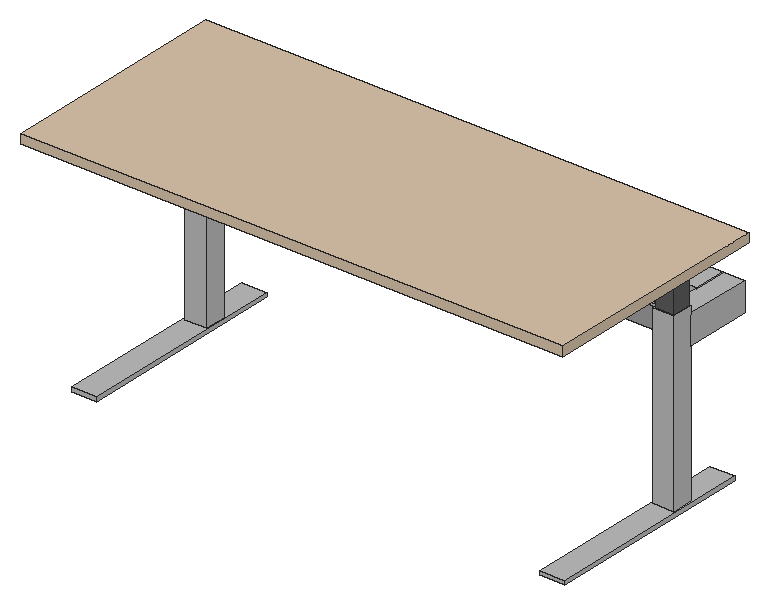
Revit family "Haworth_Planes_HeightAdjustBench_SingleSided", category Furniture Systems, Revit 2018
Family settings
  Round Connector Dimension = Use Diameter
  Part Type = Normal
  OmniClass Number = 23.40.70.14.64.21
  OmniClass Title = Systems Furniture
  Work Plane-Based = No
  Always vertical = Yes
  Cut with Voids When Loaded = No
  Shared = No
  Room Calculation Point = No
Parameters (values of type "70w 30d - Electric Adjustment")
  Gap Depth = 3 11/16"  # constant formula
  Warranty = "https://www.haworth.com/resources/product-info/warranties"
  URL - Product = "https://www.haworth.com/products/tables/height-adjustable/planes"
  Trim Finish = Haworth _ Paint _ Metallic Champagne
  Table Finish [instance] = Haworth _ Laminate _ Maple H-AE
  Table Edge Finish [instance] = Haworth _ Laminate _ Maple H-AE
  Actual Overall Depth = Actual Depth + Gap Depth  # 33 11/16"
  Standard Worksurface Depth = "23, 24, 29, 30 in."  # constant formula
  Model = "TARA"  # constant formula
  Min. Overall Depth = 30 7/16"  # constant formula
  Min. Height = 27"  # constant formula
  Max. Overall Depth = 33 3/8"  # constant formula
  Max. Height = 46"  # constant formula
  Lever Depth = 12"  # constant formula
  Leg Side Offset = if(Actual Width < 47", 16 13/16", if(Actual Width < 53", 19 13/16", if(Actual Width < 59", 22 13/16", if(Actual Width < 65", 25 13/16", 28 13/16"))))  # 28 13/16"
  Leg Offset = if(Actual Depth < 35", 10", 16")  # 10"
  Leg Finish [instance] = Haworth _ Paint _ Metallic Champagne
  Knife Edge = not(Edgeband)  # no
  J-Rail Width = Leg Side Offset * 2  # 57 5/8"
  J-Rail Height = 22 5/8"  # constant formula
  Height = 31"
  Hand Crank = no
  Electric Adjustment = yes
  Edgeband = yes
  Description = "Haworth - Planes HAT Bench - Single-Sided - 70w 30d - Electric Adjustment"
  Width = 70"
  URL = "www.haworth.com"
  Table Thickness = 1 3/16"  # constant formula
  Size = "Verify Final Dim. w/ Haworth"  # constant formula
  Revision Number = "2"  # constant formula
  Min/Max Width = "46-70 in. @ 6 in. increment"  # constant formula
  Standard Overall Depth = "30 7/16, 33 3/8 in."  # constant formula
  Min. Width = 46"  # constant formula
  Max. Width = 70"  # constant formula
  Min. Depth = 23"  # constant formula
  Max. Depth = 30"  # constant formula
  Manufacturer = "Haworth"  # constant formula
  Leg Height = Actual Height - Table Thickness  # 29 13/16"
  Depth 29 = Depth > 27"  # yes
  Depth 23 = not(Depth 29)  # no
  Depth = 30"
  Custom Size = not(and(or(Depth = 23", Depth = 24", Depth = 29", Depth = 30"), or(Width = 46", Width = 52", Width = 58", Width = 64", Width = 70")))  # no
  Crank Offset = 14 1/8"  # constant formula
  Box Body Finish = Haworth _ Paint _ Black
  Base Tube Finish = Haworth _ Paint _ Black
  Author = "Haworth (Hampton, Alias)"  # constant formula
  Assembly Code = "E2020200"
  Actual Width = if(Width < Min. Width, Min. Width, if(Width > Max. Width, Max. Width, Width))  # 70"
  Actual Height = if(Height > Max. Height, Max. Height, if(Height < Min. Height, Min. Height, Height))  # 31"
  Actual Depth = if(Depth > Max. Depth, Max. Depth, if(Depth < Min. Depth, Min. Depth, Depth))  # 30"
Types (4): name | Actual Overall Depth | Leg Side Offset | J-Rail Width | Hand Crank | Electric Adjustment | Description | Width | Depth 29 | Depth 23 | Depth | Actual Width | Actual Depth
  70w 30d - Electric Adjustment | 33 11/16" | 28 13/16" | 57 5/8" | no | yes | "Haworth - Planes HAT Bench - Single-Sided - 70w 30d - Electric Adjustment" | 70" | yes | no | 30" | 70" | 30"
  70w 30d - Crank Adjustment | 33 11/16" | 28 13/16" | 57 5/8" | yes | no | "Haworth - Planes HAT Bench - Single-Sided - 70w 30d - Crank Adjustment" | 70" | yes | no | 30" | 70" | 30"
  46w 23d - Crank Adjustment | 26 11/16" | 16 13/16" | 33 5/8" | yes | no | "Haworth - Planes HAT Bench - Single-Sided - 46w 23d - Crank Adjustment" | 46" | no | yes | 23" | 46" | 23"
  58w 24d - Electric Adjustment | 27 11/16" | 22 13/16" | 45 5/8" | no | yes | "Haworth - Planes HAT Bench - Single-Sided - 58w 24d - Electric Adjustment" | 58" | no | yes | 24" | 58" | 24"
Reference planes (in)
  plane 1 "Bottom": z = 0
  plane 2 "Top": z = 31
  plane 3 "Top Bottom": z = 29.8125
  plane 4 "Support Top": z = 22.625
  plane 5 "Left End": x = -24.33391
  plane 6 "Right End": x = 45.66609
  plane 7 "Back End": y = 7.37456
  plane 8: y = 3.68706
  plane 9 "Electric Front": y = -24.31294
  plane 10 "Left Leg L": x = -20.89641
  plane 11 "Left Leg R": x = -18.14641
  plane 12 "Right Leg R": x = 42.22859
  plane 13 "Right Leg L": x = 39.47859
  plane 14 "Center LR": x = 10.66609
  plane 15: x = 41.91609
  plane 16: x = 39.79109
  plane 17 "Support Bottom": z = 18.875
  plane 18 "Leg Front": y = -2.62544
  plane 19 "Front Edge": y = -26.31294
  plane 20 "Support Extrusion": y = -1.25044
Forms (in)
  Extrusion 1, solid, material "Haworth _ Paint _ Black" <- "Box Body Finish", visible <- "Electric Adjustment"
    sketch origin (4.36905, -9.81294, 2) x (0, 1, 0) y (0, 0, 1)
      loop
        line (-14.5, 27.8125) -> (-15.18347, 27.12903) -> (-15.09644, 27.04201) -> (-14.79741, 27.34104) -> (-13.40608, 27.34104) -> (-13.40608, 27.8125) -> (-14.5, 27.8125)
    from 35.42204 to 37.54704
  Extrusion 2, solid, material "Haworth _ Paint _ Metallic Champagne" <- "Leg Finish"
    sketch origin (0, -16.10156, -1) x (-1, 0, 0) y (0, 0, -1)
      loop
        line (-39.47859, -19.875) -> (-42.22859, -19.875) -> (-42.22859, -23.625) -> (-39.47859, -23.625) -> (-39.47859, -19.875)
    from -23.47612 to -14.85112
  Extrusion 3, solid, material "Haworth _ Paint _ Metallic Champagne" <- "Leg Finish"
    sketch origin (0, 0, -4.6785) x (1, 0, 0) y (0, 1, 0)
      loop
        line (-20.89641, 7.37456) -> (-20.89641, -1.25044) -> (-18.14641, -1.25044) -> (-18.14641, 7.37456) -> (-20.89641, 7.37456)
    from 23.5535 to 27.3035
  Extrusion 4, solid, material "Haworth _ Paint _ Black" <- "Box Body Finish", visible <- "Electric Adjustment", not visible
    sketch origin (-4.44345, -16.98158, -0.01135) x (0, 1, 0) y (0, 0, 1)
      loop
        line (-14.5, 27.8125) -> (-15.18347, 27.12903) -> (-15.09644, 27.04201) -> (-14.79741, 27.34104) -> (-13.40608, 27.34104) -> (-13.40608, 27.8125) -> (-14.5, 27.8125)
    from 35.42204 to 37.54704
Lines and regions (in)
  symbolic lines, style "Haworth Hidden", visible <- "Electric Adjustment", detail levels medium+fine
    curve 1: line (39.79109, -23.21902, 0) -> (41.91609, -23.21902, 0)
    curve 2: line (39.79109, -24.99641, 0) -> (39.79109, -23.21902, 0)
    curve 3: line (41.91609, -24.99641, 0) -> (39.79109, -24.99641, 0)
    curve 4: line (41.91609, -23.21902, 0) -> (41.91609, -24.99641, 0)
Dimensions and locks (in)
  "Actual Height": plane 2 "Top" to level
  "Table Thickness": plane 2 "Top" to plane 3 "Top Bottom"
  "Actual Width": plane 5 "Left End" to plane 6 "Right End"
  "Gap Depth": plane 7 "Back End" to plane 8
  equal spacing: plane 5 "Left End", plane 14 "Center LR", plane 6 "Right End"
  "Leg Offset": plane 7 "Back End" to plane 18 "Leg Front"
  "Leg Side Offset": plane 11 "Left Leg R" to plane 14 "Center LR"
  "Leg Side Offset": plane 14 "Center LR" to plane 13 "Right Leg L"
  "Actual Depth": plane 19 "Front Edge" to plane 8
  locked: plane 19 "Front Edge" to plane 9 "Electric Front" at 2
  plane 13 "Right Leg L" to plane 16 to plane 15 to plane 12 "Right Leg R" = 5/16" locked, 2 1/8" locked, 5/16" locked
  locked: plane 10 "Left Leg L" to plane 11 "Left Leg R" at 2.75
  locked: plane 20 "Support Extrusion" to plane 18 "Leg Front" at 1.375
  locked: plane 4 "Support Top" to plane 17 "Support Bottom" at 3.75
  "J-Rail Height": plane 4 "Support Top" to plane 1 "Bottom"
  aligned and locked: Extrusion 1 to plane 9 "Electric Front"
  aligned and locked: plane 11 "Left Leg R" to Extrusion 3
  aligned and locked: Extrusion 3 to plane 10 "Left Leg L"
  aligned and locked: plane 13 "Right Leg L" to Extrusion 2
  aligned and locked: plane 12 "Right Leg R" to Extrusion 2
  aligned and locked: plane 16 to Extrusion 1
  aligned and locked: Extrusion 1 to plane 15
  aligned and locked: plane 15 to Extrusion 1
  aligned and locked: Extrusion 1 to plane 16
  aligned and locked: plane 4 "Support Top" to Extrusion 2
  aligned and locked: Extrusion 2 to Extrusion 3
  aligned and locked: plane 17 "Support Bottom" to Extrusion 2
  aligned and locked: plane 4 "Support Top" to Extrusion 3
  aligned and locked: plane 1 "Bottom" to nested 1
  aligned and locked: nested 1 to plane 8
  aligned and locked: plane 14 "Center LR" to nested 1
  aligned and locked: curve 1 to Extrusion 1
  aligned and locked: curve 2 to Extrusion 1
  aligned and locked: curve 3 to Extrusion 1
  aligned and locked: curve 4 to Extrusion 1
  aligned and locked: plane 3 "Top Bottom" to Extrusion 1
  aligned and locked: plane 1 "Bottom" to nested 2
  aligned and locked: nested 3 to plane 1 "Bottom"
  aligned and locked: plane 7 "Back End" to nested 4
  aligned and locked: plane 13 "Right Leg L" to nested 3
  aligned and locked: plane 11 "Left Leg R" to nested 2
  aligned and locked: plane 18 "Leg Front" to nested 2
  aligned and locked: nested 3 to plane 18 "Leg Front"
  aligned and locked: plane 7 "Back End" to Extrusion 2
  aligned and locked: plane 7 "Back End" to Extrusion 3
  aligned and locked: Extrusion 2 to plane 20 "Support Extrusion"
  aligned and locked: Extrusion 3 to plane 20 "Support Extrusion"
  aligned and locked: plane 14 "Center LR" to nested 4
Automatic sketch dimensions
  Extrusion 1 sketch curve to Extrusion 1 sketch curve = 0.29903"
  Extrusion 1 sketch curve to Extrusion 1 sketch curve = 0.08703"
  Extrusion 1 sketch curve to Extrusion 1 sketch curve = 0.47146"
  Extrusion 1 sketch curve to Extrusion 1 sketch curve = 1.09392"
  Extrusion 1 sketch curve to Extrusion 1 sketch curve = 0.29741"
  Extrusion 4 sketch curve to Extrusion 4 sketch curve = 0.29903"
  Extrusion 4 sketch curve to Extrusion 4 sketch curve = 0.08703"
  Extrusion 4 sketch curve to Extrusion 4 sketch curve = 0.47146"
  Extrusion 4 sketch curve to Extrusion 4 sketch curve = 1.09392"
  Extrusion 4 sketch curve to Extrusion 4 sketch curve = 0.29741"
  Extrusion 2 sketch curve to plane 12 "Right Leg R" = 0"
  Extrusion 2 sketch curve to plane 4 "Support Top" = 0"
  plane 13 "Right Leg L" to Extrusion 2 sketch curve = 0"
  Extrusion 3 sketch curve to plane 10 "Left Leg L" = 0"
  Extrusion 3 sketch curve to plane 11 "Left Leg R" = 0"
  plane 8 to Extrusion 3 sketch curve = 4 15/16"
  Extrusion 2 sketch curve to plane 17 "Support Bottom" = 0"
  plane 7 "Back End" to Extrusion 3 sketch curve = 0"
Nested families (in)
  nested 1: "Haworth_Planes_Worksurface_Rectangular_Part" at (10.66609, -26.31294, 0), type "Worksurface"
    with Actual Width 70", Actual Height 31"
  nested 2: "Haworth_Support_Height-Adjustable_Leg_Part" at (-19.52141, -2.62544, 0), type "Leg w/o Crank"
    with Top Support Front 14 1/8", Lever Depth 12", Leg Length Middle 9 1/8", Leg Length Front 19 5/16", Leg Length Back 8 1/8", Leg Height 29 13/16", Crank Offset 14 1/8", Crank no, Actual Depth 27 7/16", 29 Deep yes, 23 Deep no
  nested 3: "Haworth_Support_Height-Adjustable_Leg_Part" at (40.85359, -2.62544, 0) x (-1, 0, 0) z (0, 0, 1), type "Leg w/ Crank"
    with Top Support Front 14 1/8", Lever Depth 12", Leg Length Middle 9 1/8", Leg Length Front 19 5/16", Leg Length Back 8 1/8", Leg Height 29 13/16", Crank Offset 14 1/8", Crank no, Actual Depth 27 7/16", 29 Deep yes, 23 Deep no
  nested 4: "Haworth_Planes_J-Rail_Single_Part" at (0, -2.214, 0), type "J Rail"
    with Actual Width 57 5/8", Actual Height 22 5/8"
Definition of nested family "Haworth_Planes_Worksurface_Rectangular_Part"
  Parameters (values of type "Worksurface")
    Width = 0"
    Warranty = "http://www.haworth.com/resources/product-info/warranties"
    URL - Product = ""
    URL = "www.haworth.com"
    Thickness = 1 3/16"  # constant formula
    Table Finish = none
    Table Edge Finish = none
    Size = "Verify Final Dim. w/ Haworth"  # constant formula
    Revision Number = ""
    Model = "Haworth Planes"
    Manufacturer = "Haworth"  # constant formula
    Knife Edge = no
    Height = 0"
    Edgeband = yes
    Description = "Haworth Planes Worksurface - Part"
    Cutout Width = 8"
    Cutout Offset = 6 87/128"  # constant formula
    Cutout Dimension = if(Cutout, 3", 1")  # 1"
    Cutout Depth = 4"
    Cutout = no
    Author = "SHAPE Environments, LLC"  # constant formula
    Assembly Code = ""
    Actual Width = 60"
    Actual Height = 29"
    Actual Depth = 30"
  Reference planes (in)
    plane 1 "Center F/B": y = 15
    plane 2: z = 0
    plane 3 "Center L/R": x = 0
    plane 4 "Table Front": y = 30
    plane 5 "Table Right": x = 30
    plane 6 "Table Left": x = -30
    plane 7 "Table Back": y = 0
    plane 8 "Table Top": z = 29
    plane 9 "Table Bottom": z = 27.8125
    plane 10 "Cutout Top": z = 30
    plane 11 "Cutout Bottom": z = 29
    plane 12 "Knife Edge Middle": z = 28.625
    plane 13 "Cutout Back": y = 23.32031
    plane 14 "Cutout Front": y = 19.32031
    plane 15 "Cutout Middle": y = 21.32031
  Forms (in)
    Extrusion 1, solid, material <- "Table Finish", visible <- "Edgeband"
      sketch origin (0, 0, 0) x (1, 0, 0) y (0, 1, 0)
        loop
          line (-30, 30) -> (-30, 0) -> (30, 0) -> (30, 30) -> (-30, 30)
      from 27.8125 to 29
    Extrusion 2, solid, material <- "Table Finish", visible <- "Knife Edge"
      sketch origin (0, 0, 0) x (1, 0, 0) y (0, 1, 0)
        loop
          line (-30, 30) -> (-30, 0) -> (30, 0) -> (30, 30) -> (-30, 30)
      from 29 to 28.625
    Extrusion 3, void
      sketch origin (0, 0, 29) x (-1, 0, 0) y (0, -1, 0)
        loop
          line (4, -23.32031) -> (4, -19.32031) -> (-4, -19.32031) -> (-4, -23.32031) -> (4, -23.32031)
      from 0 to 1
    Blend 4, solid, material <- "Table Finish", visible <- "Knife Edge"
      base sketch origin (0, 0, 0) x (1, 0, 0) y (0, 1, 0)
        loop
          line (-30, 30) -> (-30, 2) -> (30, 2) -> (30, 30) -> (-30, 30)
      top sketch origin (0, 0, 0) x (1, 0, 0) y (0, 1, 0)
        loop
          line (-30, 30) -> (-30, 0) -> (30, 0) -> (30, 30) -> (-30, 30)
      from 27.8125 to 28.625
  Cuts and joins
    Extrusion 3 cuts Extrusion 2
    joined: Extrusion 2, Blend 4
    Extrusion 3 cuts Extrusion 1
  Lines and regions (in)
    Masking region 1
      outline origin (0, 0, 0) x (1, 0, 0) y (0, 1, 0)
        loop
          line (-30, 30) -> (-30, 0) -> (30, 0) -> (30, 30) -> (-30, 30)
    symbolic lines, visible <- "Cutout"
      curve 1: line (-4, 23.32031, 0) -> (-4, 19.32031, 0)
      curve 2: line (-4, 19.32031, 0) -> (4, 19.32031, 0)
      curve 3: line (4, 19.32031, 0) -> (4, 23.32031, 0)
      curve 4: line (4, 23.32031, 0) -> (-4, 23.32031, 0)
    symbolic lines, visible <- "Knife Edge", detail levels medium+fine
      curve 5: line (-30, 2, 0) -> (30, 2, 0)
  Dimensions and locks (in)
    "Actual Depth": plane 7 "Table Back" to plane 4 "Table Front"
    "Actual Width": plane 6 "Table Left" to plane 5 "Table Right"
    equal spacing: plane 6 "Table Left", plane 3 "Center L/R", plane 5 "Table Right"
    equal spacing: plane 4 "Table Front", plane 1 "Center F/B", plane 7 "Table Back"
    "Thickness": plane 8 "Table Top" to plane 9 "Table Bottom"
    "Actual Height": plane 8 "Table Top" to level
    equal spacing: Extrusion 3 sketch curve, plane 3 "Center L/R", Extrusion 3 sketch curve
    "Cutout Width": Extrusion 3 sketch curve to Extrusion 3 sketch curve
    locked: plane 10 "Cutout Top" to plane 8 "Table Top" at 1
    "Cutout Dimension": plane 10 "Cutout Top" to plane 11 "Cutout Bottom"
    locked: plane 8 "Table Top" to plane 12 "Knife Edge Middle" at 0.375
    locked: plane 7 "Table Back" to curve 5 at 2
    locked: Blend 4 sketch curve to plane 7 "Table Back" at 2
    "Cutout Offset": plane 13 "Cutout Back" to plane 4 "Table Front"
    "Cutout Depth": plane 14 "Cutout Front" to plane 13 "Cutout Back"
    equal spacing: plane 14 "Cutout Front", plane 15 "Cutout Middle", plane 13 "Cutout Back"
    aligned and locked: plane 6 "Table Left" to Extrusion 1 sketch curve
    aligned and locked: Extrusion 1 sketch curve to plane 4 "Table Front"
    aligned and locked: plane 7 "Table Back" to Extrusion 1 sketch curve
    aligned and locked: plane 5 "Table Right" to Extrusion 1 sketch curve
    aligned and locked: plane 8 "Table Top" to Extrusion 1
    aligned and locked: Extrusion 1 to plane 9 "Table Bottom"
    aligned and locked: plane 6 "Table Left" to Extrusion 2 sketch curve
    aligned and locked: plane 5 "Table Right" to Extrusion 2 sketch curve
    aligned and locked: Extrusion 2 sketch curve to plane 4 "Table Front"
    aligned and locked: plane 10 "Cutout Top" to Extrusion 3
    aligned and locked: Extrusion 3 to plane 11 "Cutout Bottom"
    aligned and locked: Masking region 1 sketch curve to plane 7 "Table Back"
    aligned and locked: plane 6 "Table Left" to Masking region 1 sketch curve
    aligned and locked: Masking region 1 sketch curve to plane 4 "Table Front"
    aligned and locked: plane 5 "Table Right" to Masking region 1 sketch curve
    aligned and locked: curve 1 to Extrusion 3
    aligned and locked: Extrusion 3 to curve 3
    aligned and locked: cut or joined group of Extrusion 2, Extrusion 3, Blend 4 to plane 12 "Knife Edge Middle"
    aligned and locked: plane 8 "Table Top" to cut or joined group of Extrusion 2, Extrusion 3, Blend 4
    aligned and locked: Extrusion 2 sketch curve to plane 7 "Table Back"
    aligned and locked: plane 5 "Table Right" to Blend 4 sketch curve  (x2)
    aligned and locked: Blend 4 sketch curve to plane 4 "Table Front"  (x2)
    aligned and locked: plane 6 "Table Left" to Blend 4 sketch curve  (x2)
    aligned and locked: Blend 4 sketch curve to plane 7 "Table Back"
    aligned and locked: Blend 4 to plane 12 "Knife Edge Middle"
    aligned and locked: Blend 4 to plane 9 "Table Bottom"
    aligned and locked: plane 13 "Cutout Back" to Extrusion 3 sketch curve
    aligned and locked: Extrusion 3 sketch curve to plane 14 "Cutout Front"
  Automatic sketch dimensions
    curve 5 to plane 6 "Table Left" = 0"
    curve 5 to plane 5 "Table Right" = 0"
    plane 14 "Cutout Front" to curve 2 = 0"
    plane 13 "Cutout Back" to curve 4 = 0"
Definition of nested family "Haworth_Support_Height-Adjustable_Leg_Part"
  Parameters (values of type "Leg")
    URL = "www.haworth.com"
    Trim Finish = none
    Top Support Front = if([29 Deep], 14 1/8", 8 1/8")  # 8 1/8"
    Note = "Verify Final Dim. w/ Haworth"  # constant formula
    Manufacturer = "Haworth"  # constant formula
    Lever Depth = 8"
    Leg Length Middle = if([29 Deep], 9 1/8", 7 1/8")  # 7 1/8"
    Leg Length Front = if([29 Deep], 19 5/16", 16 5/16")  # 16 5/16"
    Leg Length Back = if([29 Deep], 8 1/8", 5 1/8")  # 5 1/8"
    Leg Height = 27 13/16"
    Leg Finish = none
    Hardware Finish = none
    Glide Finish = none
    Crank Offset = 11 1/8"
    Crank = yes
    Base Tube Finish = none
    Assembly Code = ""
    Actual Depth = if([29 Deep], 27 7/16", 21 7/16")  # 21 7/16"
    29 Deep = not([23 Deep])  # no
    23 Deep = yes
  Reference planes (in)
    plane 1 "Center (Front/Back)": y = 0
    plane 2 "Bottom": z = 0
    plane 3 "Center (Left/Right)": x = 0
    plane 4 "Bottom of Top": z = 27.8125
    plane 5: z = 0.375
    plane 6 "Glide Back": y = 2.4375
    plane 7 "Glide Front": y = -12.125
    plane 8: x = 1.375
    plane 9: x = -1.375
    plane 10: x = -1.625
    plane 11: x = 1.625
    plane 12: y = 5.125
    plane 13: y = -16.3125
    plane 14 "Support Bottom": z = 25.1875
    plane 15: y = -8.125
    plane 16 "Top Base": z = 0.875
    plane 17 "Top of Leg": z = 23.5
    plane 18 "Crank Offset": y = -11.125
  Forms (in)
    Extrusion 1, solid, material <- "Leg Finish"
      sketch origin (0, 0, 0) x (0, -1, 0) y (0, 0, -1)
        loop
          line (16.3125, -0.375) -> (-5.125, -0.375) -> (-5.125, -0.875) -> (16.3125, -0.875) -> (16.3125, -0.375)
      from -1.625 to 1.625
    Extrusion 2, solid, material <- "Leg Finish"
      sketch origin (0, 0, 2.5625) x (-1, 0, 0) y (0, -1, 0)
        loop
          line (1.375, -1.375) -> (1.375, 1.375) -> (-1.375, 1.375) -> (-1.375, -1.375) -> (1.375, -1.375)
      from -1.6875 to 20.9375
    Extrusion 3, solid, material <- "Leg Finish"
      sketch origin (-1.375, -19.87459, 48) x (0, -1, 0) y (0, 0, -1)
        loop
          line (-10.24959, 20.1875) -> (-10.24959, 21.66628) -> (-16.14638, 22.8125) -> (-20.66006, 22.8125) -> (-26.24959, 20.55418) -> (-26.24959, 20.1875) -> (-10.24959, 20.1875)
      from 0 to -0.125
    Extrusion 4, solid, material <- "Base Tube Finish"
      sketch origin (0, 0, 2.5625) x (-1, 0, 0) y (0, -1, 0)
        loop
          line (1.1875, -1.1875) -> (1.1875, 1.1875) -> (-1.1875, 1.1875) -> (-1.1875, -1.1875) -> (1.1875, -1.1875)
      from 20.9375 to 25.25
    Extrusion 5, solid, material <- "Glide Finish"
      sketch origin (0, 0, 0) x (1, 0, 0) y (0, 1, 0)
        loop
          circle (0, 2.4375) r 1.12339
        loop
          circle (0, -12.125) r 1.12816
      from 0 to 0.375
  Cuts and joins
    joined: Extrusion 1, Extrusion 2
  Lines and regions (in)
    Masking region 1, detail levels medium+fine
      outline origin (0, 0, 0) x (1, 0, 0) y (0, 1, 0)
        loop
          line (-1.625, -16.3125) -> (1.625, -16.3125) -> (1.625, 5.125) -> (-1.625, 5.125) -> (-1.625, -16.3125)
    symbolic lines, detail levels medium+fine
      curve 1: line (-1.375, 1.375, 0) -> (1.375, 1.375, 0)
      curve 2: line (-1.375, -1.375, 0) -> (-1.375, 1.375, 0)
      curve 3: line (1.375, -1.375, 0) -> (-1.375, -1.375, 0)
      curve 4: line (1.375, 1.375, 0) -> (1.375, -1.375, 0)
  Dimensions and locks (in)
    "Leg Height": plane 4 "Bottom of Top" to level
    level to plane 5 = 3/8"
    locked: plane 9 to plane 8 at 2.75
    locked: plane 10 to plane 11 at 3.25
    equal spacing: plane 10, plane 3 "Center (Left/Right)", plane 11
    equal spacing: plane 9, plane 3 "Center (Left/Right)", plane 8
    locked: plane 4 "Bottom of Top" to plane 14 "Support Bottom" at 2.625
    Extrusion 2 sketch curve to plane 1 "Center (Front/Back)" to Extrusion 2 sketch curve = 1 3/8", 1 3/8"
    "Leg Length Front": plane 13 to plane 1 "Center (Front/Back)"
    "Leg Length Back": plane 1 "Center (Front/Back)" to plane 12
    "Top Support Front": plane 15 to plane 1 "Center (Front/Back)"
    plane 16 "Top Base" to plane 5 to plane 2 "Bottom" = 1/2" locked, 3/8" locked
    locked: plane 17 "Top of Leg" to plane 2 "Bottom" at 23.5
    locked: plane 7 "Glide Front" to plane 13 at 4.1875
    locked: plane 12 to plane 6 "Glide Back" at 2.6875
    "Crank Offset": plane 18 "Crank Offset" to plane 1 "Center (Front/Back)"
    angle plane 4 "Bottom of Top" to Extrusion 3 sketch curve = 22.00°
    angle Extrusion 3 sketch curve to plane 4 "Bottom of Top" = 11.00°
    aligned and locked: plane 11 to Extrusion 1
    aligned and locked: Extrusion 1 to plane 10
    aligned and locked: plane 9 to Extrusion 2 sketch curve
    aligned and locked: Extrusion 2 sketch curve to plane 8
    aligned: plane 4 "Bottom of Top" to Extrusion 2
    aligned and locked: Extrusion 3 sketch curve to plane 14 "Support Bottom"
    aligned and locked: Extrusion 3 sketch curve to plane 4 "Bottom of Top"
    aligned and locked: plane 4 "Bottom of Top" to Extrusion 4
    aligned and locked: Extrusion 2 to Extrusion 1
    aligned and locked: Masking region 1 sketch curve to plane 11
    aligned and locked: plane 10 to Masking region 1 sketch curve
    aligned and locked: plane 13 to Masking region 1 sketch curve
    aligned and locked: curve 1 to cut or joined group of Extrusion 1, Extrusion 2
    aligned and locked: curve 2 to cut or joined group of Extrusion 1, Extrusion 2
    aligned and locked: curve 3 to cut or joined group of Extrusion 1, Extrusion 2
    aligned and locked: Extrusion 5 to plane 2 "Bottom"
    aligned and locked: plane 5 to cut or joined group of Extrusion 1, Extrusion 2
    aligned and locked: Extrusion 5 to plane 5
    aligned and locked: plane 16 "Top Base" to cut or joined group of Extrusion 1, Extrusion 2
    aligned and locked: cut or joined group of Extrusion 1, Extrusion 2 to plane 16 "Top Base"
    aligned and locked: plane 17 "Top of Leg" to cut or joined group of Extrusion 1, Extrusion 2
    aligned and locked: Extrusion 4 to plane 17 "Top of Leg"
    aligned and locked: Extrusion 4 to plane 4 "Bottom of Top"
    aligned and locked: plane 18 "Crank Offset" to nested 1
    aligned and locked: plane 3 "Center (Left/Right)" to nested 1
  Automatic sketch dimensions
    plane 15 to Extrusion 3 sketch curve = 1 1/2"
    plane 1 "Center (Front/Back)" to Extrusion 3 sketch curve = 0.78546"
    Extrusion 3 sketch curve to plane 1 "Center (Front/Back)" = 3.72822"
    Extrusion 4 sketch curve to plane 8 = 3/16"
    plane 9 to Extrusion 4 sketch curve = 3/16"
    Extrusion 4 sketch curve to plane 1 "Center (Front/Back)" = 1 3/16"
    plane 1 "Center (Front/Back)" to Extrusion 4 sketch curve = 1 3/16"
    Extrusion 5 sketch curve to plane 3 "Center (Left/Right)" = 0"  (x2)
    Extrusion 5 sketch curve to plane 7 "Glide Front" = 0"
    Extrusion 5 sketch curve to plane 6 "Glide Back" = 0"
    Extrusion 1 sketch curve to plane 12 = 0"
    Extrusion 1 sketch curve to plane 13 = 0"
    Extrusion 1 sketch curve to level = 3/8"
    Extrusion 1 sketch curve to Extrusion 1 sketch curve = 1/2"
    Masking region 1 sketch curve to plane 12 = 0"
    curve 3 to plane 8 = 0"
    plane 4 "Bottom of Top" to Extrusion 3 sketch curve = 0.36668"
    radius of Extrusion 5 sketch curve = 1.12339"
    radius of Extrusion 5 sketch curve = 1.12816"
  Nested families (in)
    nested 1: "Haworth_Planes-HAT-Crank_Part" at (0, -14.72244, 27.8125), built-in parameter 1001364 <- "Leg Height", visible <- "Crank", type "Crank"
      with Bracket Width 1 1/4"
  Definition of nested family "Haworth_Planes-HAT-Crank_Part"
    Parameters (values of type "Crank")
      Trim Finish = none
      Support Finish = none
      Lever Depth = 8"
      Hardware Finish = none
      Bracket Width [instance] = 1 1/4"  # constant formula
      Assembly Code = ""
    Reference planes (in)
      plane 1: z = 0
      plane 2 "Center L/R": x = 0
      plane 3 "Left": x = -0.625
      plane 4 "Right": x = 0.625
      plane 5 "Bar Front": y = 6.72736
      plane 6 "Bar Back": y = 14.72736
      plane 7 "Crank Back": y = 6.09744
      plane 8 "Crank Front": y = 5.59744
      plane 9 "Knob Front": y = 3.59744
      plane 10 "Knob Middle": z = -5.57716
      plane 11 "Bar Middle": z = -1.24016
    Forms (in)
      Extrusion 1, solid, material <- "Support Finish"
        sketch origin (0, 0, 0) x (0, 1, 0) y (0, 0, 1)
          loop
            line (5.47112, 0) -> (5.47112, -0.125) -> (6.74381, -0.125) -> (6.74381, -1.875) -> (9.49381, -1.875) -> (9.49381, -0.125) -> (13.57086, -0.125) -> (13.57086, -1.875) -> (14.94586, -1.875) -> (14.94586, -1.75) -> (13.69586, -1.75) -> (13.69586, 0) -> (9.36881, 0) -> (9.36881, -1.75) -> (6.86881, -1.75) -> (6.86881, 0) -> (5.47112, 0)
        from -0.625 to 0.625
      Extrusion 2, solid, material <- "Hardware Finish"
        sketch origin (0, 6.09744, 0) x (0, 0, -1) y (1, 0, 0)
          loop
            line (1.24016, -0.43307) -> (5.58894, -0.28152)
            arc (5.58894, -0.28152) -> (5.86265, 0.00389) -> (5.58109, 0.28155) r 0.28159
            line (5.58109, 0.28155) -> (1.24016, 0.43307)
            arc (1.24016, 0.43307) -> (0.80709, 0) -> (1.24016, -0.43307) r 0.43307
        from 0 to 0.5
      Revolve 3, solid, material <- "Trim Finish"
        sketch origin (0, 0, 0) x (0, 1, 0) y (0, 0, 1)
          loop
            line (5.59744, -5.57716) -> (5.59744, -5.2397) -> (4.79831, -5.15571) -> (3.59744, -5.15571) -> (3.59744, -5.57716) -> (5.59744, -5.57716)
          axis (3.59744, -5.57716) -> (5.59744, -5.57716)
        angle from 0 to 360
      Revolve 4, solid, material <- "Hardware Finish"
        sketch origin (0, 0, 0) x (0, 1, 0) y (0, 0, 1)
          loop
            line (6.09744, -0.80709) -> (6.09744, -1.24016) -> (6.72736, -1.24016) -> (6.72736, -0.90551) -> (6.58317, -0.83827) -> (6.09744, -0.80709)
          axis (6.09744, -1.24016) -> (6.72736, -1.24016)
        angle from 0 to 360
      Extrusion 5, solid, material <- "Hardware Finish"
        sketch origin (0, 6.09744, 0) x (0, 0, -1) y (1, 0, 0)
          loop
            circle (1.24016, 0) r 0.25
        from -8.62992 to -0.62992
    Lines and regions (in)
      symbolic lines, detail levels medium+fine
        curve 1: line (0.42145, 3.59744, 0) -> (0.42145, 4.79831, 0)
        curve 2: line (0.42145, 4.79831, 0) -> (0.28155, 5.59744, 0)
        curve 3: line (0.28155, 5.59744, 0) -> (0.28155, 14.72736, 0)
        curve 4: line (-0.42145, 3.59744, 0) -> (-0.42145, 4.79831, 0)
        curve 5: line (-0.42145, 4.79831, 0) -> (-0.28155, 5.59744, 0)
        curve 6: line (-0.28155, 5.59744, 0) -> (-0.28155, 14.72736, 0)
        curve 7: line (-0.42145, 3.59744, 0) -> (0.42145, 3.59744, 0)
        curve 8: line (-0.28155, 14.72736, 0) -> (0.28155, 14.72736, 0)
    Dimensions and locks (in)
      equal spacing: plane 3 "Left", plane 2 "Center L/R", plane 4 "Right"
      "Bracket Width": plane 3 "Left" to plane 4 "Right"
      "Lever Depth": plane 5 "Bar Front" to plane 6 "Bar Back"
      locked: plane 7 "Crank Back" to plane 5 "Bar Front" at 0.62992
      locked: plane 8 "Crank Front" to plane 7 "Crank Back" at 0.5
      locked: plane 9 "Knob Front" to plane 8 "Crank Front" at 2
      aligned and locked: level to plane 1
      aligned and locked: Extrusion 1 to plane 3 "Left"
      aligned and locked: Extrusion 1 to plane 4 "Right"
      aligned and locked: Extrusion 2 to plane 7 "Crank Back"
      aligned and locked: plane 8 "Crank Front" to Extrusion 2
      aligned and locked: Revolve 3 sketch curve to plane 10 "Knob Middle"
      aligned and locked: Revolve 4 sketch curve to plane 11 "Bar Middle"
      aligned and locked: plane 5 "Bar Front" to Extrusion 5
      aligned and locked: Extrusion 5 to plane 6 "Bar Back"
      aligned and locked: plane 6 "Bar Back" to curve 8
    Automatic sketch dimensions
      Extrusion 5 sketch curve to plane 2 "Center L/R" = 0"
      Extrusion 5 sketch curve to plane 11 "Bar Middle" = 0"
      Extrusion 1 sketch curve to level = 0"  (x2)
      plane 8 "Crank Front" to Extrusion 1 sketch curve = 0.12632"
      Extrusion 1 sketch curve to plane 5 "Bar Front" = 0.01645"
      Extrusion 1 sketch curve to plane 5 "Bar Front" = 0.14145"
      Extrusion 1 sketch curve to plane 11 "Bar Middle" = 0.50984"
      Extrusion 1 sketch curve to Extrusion 1 sketch curve = 2 1/2"
      Extrusion 1 sketch curve to Extrusion 1 sketch curve = 1/8"  (x4)
      Extrusion 1 sketch curve to plane 11 "Bar Middle" = 0.63484"
      Extrusion 1 sketch curve to Extrusion 1 sketch curve = 4.07706"
      Extrusion 1 sketch curve to Extrusion 1 sketch curve = 1 1/4"
      Extrusion 1 sketch curve to level = 1/8"  (x2)
      Extrusion 2 sketch curve to plane 11 "Bar Middle" = 0"
      Extrusion 2 sketch curve to plane 10 "Knob Middle" = 1/256"
      Extrusion 2 sketch curve to plane 10 "Knob Middle" = 0.01178"
      plane 3 "Left" to Extrusion 2 sketch curve = 0.19193"
      Extrusion 2 sketch curve to plane 2 "Center L/R" = 0.28152"
      Extrusion 2 sketch curve to plane 2 "Center L/R" = 0.00004"
      Extrusion 2 sketch curve to plane 2 "Center L/R" = 0"
      Revolve 3 sketch curve to plane 9 "Knob Front" = 0"
      Revolve 3 sketch curve to plane 8 "Crank Front" = 0"
      Revolve 3 sketch curve to plane 10 "Knob Middle" = 0"
      plane 9 "Knob Front" to Revolve 3 sketch curve = 0.27802"
      plane 8 "Crank Front" to Revolve 3 sketch curve = 0.79913"
      plane 5 "Bar Front" to Revolve 3 sketch curve = 0.14411"
      Revolve 3 sketch curve to Revolve 3 sketch curve = 0.33746"
      plane 10 "Knob Middle" to Revolve 3 sketch curve = 0.42145"
      Revolve 4 sketch curve to plane 8 "Crank Front" = 0"
      Revolve 4 sketch curve to plane 7 "Crank Back" = 0"
      Revolve 4 sketch curve to plane 5 "Bar Front" = 0"
      Revolve 4 sketch curve to plane 11 "Bar Middle" = 0"
      plane 5 "Bar Front" to Revolve 4 sketch curve = 0.14419"
      Revolve 4 sketch curve to plane 6 "Bar Back" = 1.79885"
      Revolve 4 sketch curve to Revolve 4 sketch curve = 0.33465"
      Revolve 4 sketch curve to Revolve 4 sketch curve = 0.06724"
      Revolve 4 sketch curve to Revolve 4 sketch curve = 0.43307"
      plane 9 "Knob Front" to curve 7 = 0"
      plane 8 "Crank Front" to curve 6 = 0"
      plane 8 "Crank Front" to curve 2 = 0"
      plane 3 "Left" to curve 5 = 0.20355"
      curve 6 to plane 2 "Center L/R" = 0.28155"
      plane 2 "Center L/R" to curve 2 = 0.28155"
      plane 4 "Right" to curve 7 = 0.20355"
      plane 8 "Crank Front" to curve 5 = 0.79913"
      plane 8 "Crank Front" to curve 2 = 0.79913"
      radius of Extrusion 5 sketch curve = 1/4"
Definition of nested family "Haworth_Planes_J-Rail_Single_Part"
  Parameters (values of type "J Rail")
    Warranty = "https://www.haworth.com/resources/product-info/warranties"
    URL - Product = "https://www.haworth.com/products/tables/height-adjustable/planes"
    Model = "Haworth Planes"  # constant formula
    Leg Finish = none
    Description = "Haworth J-Rail - Part"
    URL = "www.haworth.com"
    Size = "Verify Final Dim. w/ Haworth"  # constant formula
    Revision Number = "1"  # constant formula
    Manufacturer = "Haworth"  # constant formula
    Author = "Haworth (Alias)"  # constant formula
    Assembly Code = "E2020200"
    Actual Width = 64"
    Actual Height = 17 35/128"
  Reference planes (in)
    plane 1: z = 0
    plane 2: y = 7.37456
    plane 3: x = -21.33391
    plane 4: x = 42.66609
    plane 5: x = 10.66609
    plane 6 "Bottom": z = 0
    plane 7 "Top": z = 17.27344
    plane 8: z = 17.02344
    plane 9: z = 13.15063
    plane 10: z = 16.14868
    plane 11: z = 13.40063
    plane 12: z = 11.80068
    plane 13: z = 11.55068
    plane 14: z = 16.39868
    plane 15 "Back": y = 9.58856
    plane 16 "Center FB": y = 4.39578
    plane 17: y = -0.79699
  Forms (in)
    Extrusion 1, solid, material <- "Leg Finish"
      sketch origin (-23.71454, 7.37456, -1) x (0, 1, 0) y (0, 0, 1)
        loop
          line (-7.20654, 18.27344) -> (-7.20654, 17.92282) -> (-5.60534, 14.15063) -> (-1.5625, 14.15063) -> (-1.5625, 17.39868) -> (-1.8125, 17.39868) -> (-1.8125, 18.02344) -> (1.964, 18.02344) -> (1.964, 14.15063) -> (2.214, 14.15063) -> (2.214, 18.27344) -> (-2.0625, 18.27344) -> (-2.0625, 17.14868) -> (-1.8125, 17.14868) -> (-1.8125, 14.40063) -> (-5.43987, 14.40063) -> (-6.95654, 17.97368) -> (-6.95654, 18.27344) -> (-7.20654, 18.27344)
      from 2.38063 to 66.38063
    Extrusion 2, solid, material <- "Leg Finish"
      sketch origin (-6, 7.37456, -1) x (0, 1, 0) y (0, 0, 1)
        loop
          line (-1.964, 14.15063) -> (-2.214, 14.15063) -> (-2.214, 12.55068) -> (2.214, 12.55068) -> (2.214, 14.15063) -> (1.964, 14.15063) -> (1.964, 12.80068) -> (-1.964, 12.80068) -> (-1.964, 14.15063)
      from -15.33391 to 48.66609
  Lines and regions (in)
    Masking region 1, detail levels medium+fine
      outline origin (0, 0, 0) x (1, 0, 0) y (0, 1, 0)
        loop
          line (-21.33391, 9.58856) -> (-21.33391, -0.79699) -> (42.66609, -0.79699) -> (42.66609, 9.58856) -> (-21.33391, 9.58856)
    symbolic lines, detail levels medium+fine
      curve 1: line (-21.33391, 5.16056, 0) -> (42.66609, 5.16056, 0)
  Dimensions and locks (in)
    equal spacing: plane 3, plane 5, plane 4
    "Actual Width": plane 3 to plane 4
    "Actual Height": plane 7 "Top" to plane 6 "Bottom"
    plane 7 "Top" to plane 8 to plane 14 to plane 10 to plane 11 to plane 9 to plane 12 to plane 13 = 1/4" locked, 0.62476" locked, 1/4" locked, 2.74805" locked, 1/4" locked, 1.34995" locked, 1/4" locked
    equal spacing: plane 15 "Back", plane 16 "Center FB", plane 17
    aligned and locked: Extrusion 1 to plane 3
    aligned and locked: Extrusion 2 to plane 3
    aligned and locked: plane 4 to Extrusion 1
    aligned and locked: plane 4 to Extrusion 2
    aligned and locked: Extrusion 1 to plane 4
    aligned and locked: Extrusion 1 to Extrusion 2  (x2)
    aligned and locked: Extrusion 1 sketch curve to plane 7 "Top"  (x2)
    aligned and locked: plane 8 to Extrusion 1 sketch curve
    aligned and locked: Extrusion 1 sketch curve to plane 14
    aligned and locked: Extrusion 1 sketch curve to plane 10
    aligned and locked: plane 11 to Extrusion 1 sketch curve
    aligned and locked: plane 9 to Extrusion 1 sketch curve
    aligned and locked: plane 9 to Extrusion 2 sketch curve
    aligned and locked: Extrusion 2 sketch curve to plane 9
    aligned and locked: plane 12 to Extrusion 2 sketch curve
    aligned and locked: plane 13 to Extrusion 2 sketch curve
    aligned and locked: Masking region 1 sketch curve to Extrusion 1  (x3)
    aligned and locked: Extrusion 1 sketch curve to plane 9
    aligned and locked: Masking region 1 sketch curve to plane 17
  Automatic sketch dimensions
    Extrusion 2 sketch curve to plane 2 = 2.214"
    Extrusion 2 sketch curve to Extrusion 2 sketch curve = 1/4"  (x2)
    plane 2 to Extrusion 2 sketch curve = 1.964"
    curve 1 to plane 3 = 0"
    curve 1 to plane 4 = 0"
    curve 1 to plane 2 = 2.214"
    plane 8 to Extrusion 1 sketch curve = 0.10062"
    plane 8 to Extrusion 1 sketch curve = 0.04976"
    Extrusion 1 sketch curve to Extrusion 1 sketch curve = 1.3512"
    Extrusion 1 sketch curve to Extrusion 1 sketch curve = 0.16547"
    Extrusion 1 sketch curve to plane 2 = 2 1/16"
    Extrusion 1 sketch curve to plane 2 = 1 13/16"
    Extrusion 1 sketch curve to Extrusion 1 sketch curve = 1/4"  (x4)
    plane 2 to Extrusion 1 sketch curve = 1.964"
    Extrusion 1 sketch curve to plane 16 "Center FB" = 2.4611"
